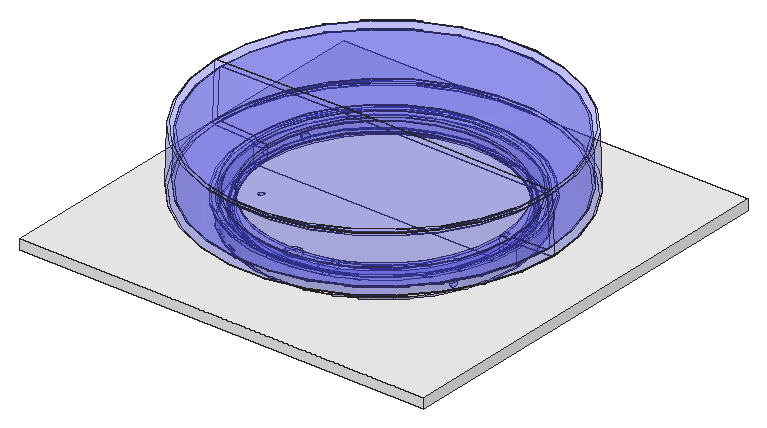
Revit family "BE_34287_de_DE", category Leuchten, Revit 2015
Parameters (values of type "BEGA_34287_K4")
  built-in parameter 1150104 = 12.04 (stored number, unit not read)
  Wattage = 16.4 W
  Default Elevation = 0 mm
  built-in parameter 1150113 = 1 (stored number, unit not read)
  built-in parameter 1114218 = 1 (stored number, unit not read)
  Umgebungstemperatur = ""
  URL = "http://www.bega.de/produkt/34287"
  Typenkommentare = "© 2017 BEGA. Wir behalten uns das Recht vor, technische Änderungen ohne vorherige Ankündigung vorzunehmen."  # constant formula
  built-in parameter 1150134 = 12
  built-in parameter 1150109 = 1 (stored number, unit not read)
  Strom = ""
  built-in parameter 1150110 = 1 (stored number, unit not read)
  Spannung = 239.996 V
  Sonderanfertigung = no
  Seriennummer [instance] = "Hier können Sie die eindeutige Seriennummer für das Facility Management eintragen."
  Schutzklasse = "I"
  Schutzart = "IP 44"
  Scheinlast = 0 VA
  Produktdatenblatt = "http://www.bega.de/download/Xrfa/db/34287.db.de.pdf"
  Oberflächentemperatur = ""
  Neigungswinkel = 0.00°
  Modell = "34287K4"
  Material_17 = BEGA_Reflektor
  Material_15 = BEGA_Leuchtmedium_matt
  Material_11 = BEGA_Glas_opal
  Material_09 = BEGA_Glas_klar
  Material_06 = BEGA_Oberfläche_Edelstahl_gebürstet
  Material_05 = BEGA_Oberfläche_Aluminium Guss
  Material_03 = BEGA_Oberfläche_Weiss_matt
  Material_02 = BEGA_Oberfläche_Silber_matt
  Material_01 [instance] = BEGA_Oberfläche_Grafit_matt
  M_W = no
  M_G = no
  M_A = no
  Logo = 0
  built-in parameter 1114217 = 1 (stored number, unit not read)
  built-in parameter 1150139 = (empty or 0)
  built-in parameter 1150105 = 520.48 (stored number, unit not read)
  built-in parameter 1150114 = 1 (stored number, unit not read)
  Lumens = 2125.44 lm
  built-in parameter 1150115 = 1 (stored number, unit not read)
  Leuchtenlichtstrom = "1660 lm"
  Leuchtenanzahl = ""
  Lebensdauerkriterien = "L70B50 @ 25 °C = 265000 h"
  Lastklassifizierung = Beleuchtung
  built-in parameter 1150112 = 1 (stored number, unit not read)
  Lampenlichtstrom = "2125 lm"
  Lampe = "LED 16.4 W"
  LED_Modulbezeichnung = "LED-0569/940 "
  Hersteller = "BEGA"  # constant formula
  Halbstreuwinkel = ""
  Gewicht = "2.7 kg"
  Gebrauchslageneinschränkung [instance] = ""
  Frequenz = "0/50-60 Hz"
  Farbwiedergabeindex = "Ra > 90"
  Farbtemperaturverschiebung bei Dämpfen der Lampe = <Keine Auswahl>
  Farbtemperatur = "4000 K"
  Color Filter = 16777215
  built-in parameter 1150133 = 10 (stored number, unit not read)
  Energieeffizienzklasse = "LED A++ - A"
  built-in parameter 1150137 = (empty or 0)
  built-in parameter 1150132 = (empty or 0)
  ENEC = ""
  Dimmbar [instance] = "DALI"
  Datei für fotometrisches Netz = "BE_34287K4.IES"
  CE_Konformität = "ja"
  Bestellnummer = "34287K4"
  Beschreibung_Sonderanfertigung = "Hier können Sie Informationen zur Sonderanfertigung eintragen."
  Beschreibung = "Decken- und Wandleuchte"
  built-in parameter 1150106 = 5.2048 (stored number, unit not read)
  Befestigungsbohrung = "Ø 5,5 mm"
  Befestigungsabstand = "200 mm"
  Ballwurfsicher = ""
  BEGA_Intern_aus = yes
  BEGA_Intern_an = yes
  BEGA_Intern_Konstruktion = yes
  BEGA_Intern = yes
  BEGA_IES = yes
  BEGA_Dummy = no
  Anschlussleitung = ""
  Anschlussleistung [instance] = "18.9 W"
  Anschlusskasten = ""
  built-in parameter 1150107 = 4000 (stored number, unit not read)
  built-in parameter 1150102 = (empty or 0)
  built-in parameter 1150138 = (empty or 0)
  Aktualisierung = "2017-08-30T04:09:44"
  Abstand_zur_angestrahlten_Fläche [instance] = ""
  AC/DC = "AC/DC"
Types (2, lengths in mm): name | built-in parameter 1150104 | built-in parameter 1150134 | Modell | built-in parameter 1150105 | Lumens | Leuchtenlichtstrom | Lampenlichtstrom | LED_Modulbezeichnung | Farbtemperatur | Datei für fotometrisches Netz | Bestellnummer | built-in parameter 1150106 | built-in parameter 1150107
  BEGA_34287_K3 | 11.613 (stored number, unit not read) | (empty or 0) | "34287" | 163.13 (stored number, unit not read) | 2050 lm | "1601 lm" | "2050 lm" | "LED-0569/930 " | "3000 K" | "BE_34287.IES" | "34287" | 1.6313 (stored number, unit not read) | 3000 (stored number, unit not read)
  BEGA_34287_K4 | 12.04 (stored number, unit not read) | 12 | "34287K4" | 520.48 (stored number, unit not read) | 2125.44 lm | "1660 lm" | "2125 lm" | "LED-0569/940 " | "4000 K" | "BE_34287K4.IES" | "34287K4" | 5.2048 (stored number, unit not read) | 4000 (stored number, unit not read)
Reference planes
  plane 1 "Mitte (Vorne/Hinten)": y = 0
  plane 2: z = 0
  plane 3 "Mitte (Links/Rechts)": x = 0
  plane 4 "Links": x = -168.948
  plane 5 "Rechts": x = 168.948
  plane 6 "Unten": y = -168.9
  plane 7 "Oben": y = 168.9
  plane 8 "Vorne": z = 85.255
  plane 9 "Hinten": z = 0
Forms (mm)
  Extrusion 1, solid, material "BEGA_Platte_Weiss"
    sketch origin (0, -1119.2, 0) x (1, 0, 0) y (0, 1, 0)
      loop
        line (-200, 1319.2) -> (-200, 919.2) -> (200, 919.2) -> (200, 1319.2) -> (-200, 1319.2)
    from 0 to -10
  Extrusion 2, solid, material "BEGA_Dummy_matt", visible <- "BEGA_Dummy"
    sketch origin (77.149, -76.023, 0) x (1, 0, 0) y (0, 1, 0)
      loop
        circle (-77.149, 76.023) r 170
    from 0 to 85.255
Dimensions and locks
  plane 1 "Mitte (Vorne/Hinten)" to Extrusion 1 = 200 mm
  aligned and locked: plane 2 to Extrusion 1
  aligned and locked: level to Extrusion 1
Nested families
  nested 1: "BE_34287" at (0, 0, 0), type "BE_34287"
Connectors
  electrical at (0, 0, 0), driven by "Lastklassifizierung", driven by "Spannung", driven by "Scheinlast"
    settings: index 1, voltage 239.996 V, apparent load 0 VA, apparent load phase1 0 VA, apparent load phase2 0 VA, apparent load phase3 0 VA, power factor 1, load classification "Beleuchtung", number of poles 1, system type 31, power factor state 1, is connector primary yes, connector utility no, sub classification motor no, connector description ""
Definition of nested family "BE_34287"
  Parameters (values of type "BE_34287")
    Default Elevation = 1 mm
    URL = "http://www.bega.de/de/produkt"
    Type Comments = "© 2015 BEGA. Wir behalten uns das Recht vor, technische Änderungen ohne vorherige Ankündigung vorzunehmen. "  # constant formula
    Type Image = (empty or 0)
    Neigungswinkel_um_Z2 = 0.00°
    Neigungswinkel_um_Z1 = 0.00°
    Neigungswinkel_um_Y2 = 0.00°
    Neigungswinkel_um_Y1 = 0.00°
    Neigungswinkel_um_X2 = 0.00°
    Neigungswinkel_um_X1 = 0.00°
    Material_17 = none
    Material_15 = none
    Material_11 = none
    Material_09 = none
    Material_06 = none
    Material_05 = none
    Material_03 = none
    Material_02 = none
    Material_01 = none
    M_W = yes
    M_G = yes
    M_A = yes
    Länge_Platte = 450 mm  # constant formula
    Höhe_Platte = -10 mm  # constant formula
    Manufacturer = "BEGA"  # constant formula
    Drehwinkel_um_Z2 = 0.00°
    Drehwinkel_um_Z1 = 0.00°
    Breite_Platte = 450 mm  # constant formula
  Reference planes
    plane 1 "Mitte (Oben/Unten)": y = 0
    plane 2: z = 0
    plane 3 "Mitte (Links/Rechts)": x = 0
    plane 4: x = -168.948
    plane 5: z = 85.255
    plane 6: x = 168.948
    plane 7: y = -168.9
    plane 8: y = 168.9
  Forms (mm)
    Extrusion 1, solid, detail levels medium
      sketch origin (0, 0, 0) x (1, 0, 0) y (0, 1, 0)
        loop
          line (-225, 225) -> (-225, -225) -> (225, -225) -> (225, 225) -> (-225, 225)
      from 0 to -10 <- "Höhe_Platte"
    Revolve 2, solid, material <- "Material_03", detail levels medium+fine
      sketch origin (0, 0, 0) x (1, 0, 0) y (0, 0, 1)
        loop
          line (-131.35, 4) -> (-131.63, 20.036)
          arc (-131.63, 20.036) -> (-132.229, 21.427) -> (-133.63, 22) r 2
          line (-133.63, 22) -> (-135, 22) -> (-135, 24) -> (-133.627, 24)
          arc (-133.627, 24) -> (-130.825, 22.852) -> (-129.631, 20.07) r 4
          line (-129.631, 20.07) -> (-129.367, 4.983)
          arc (-129.367, 4.983) -> (-129.068, 4.287) -> (-128.367, 4) r 1
          line (-128.367, 4) -> (0, 4) -> (0, 1.99) -> (-129.29, 1.99)
          arc (-129.29, 1.99) -> (-130.714, 2.586) -> (-131.3, 4) r 2
        axis (0, 1.99) -> (0, 24)
      angle from 0 to 360
    Revolve 3, solid, material <- "Material_03", detail levels medium+fine
      sketch origin (0, 0, 0) x (1, 0, 0) y (0, 0, 1)
        loop
          arc (-124.759, 2.845) -> (-122.212, 0.75) -> (-119, 0) r 7.249
          line (-119, 0) -> (-119, 2.845) -> (-124.759, 2.845)
        axis (-119, 0) -> (-119, 2.845)
      angle from 0 to 360
    Revolve 4, solid, material <- "Material_03", detail levels medium+fine
      sketch origin (0, 0, 0) x (0, -1, 0) y (0, 0, 1)
        loop
          arc (-124.759, 2.845) -> (-122.212, 0.75) -> (-119, 0) r 7.249
          line (-119, 0) -> (-119, 2.845) -> (-124.759, 2.845)
        axis (-119, 0) -> (-119, 2.845)
      angle from 0 to 360
    Revolve 5, solid, material <- "Material_03", detail levels medium+fine
      sketch origin (0, 0, 0) x (0, 1, 0) y (0, 0, 1)
        loop
          arc (-124.759, 2.845) -> (-122.212, 0.75) -> (-119, 0) r 7.249
          line (-119, 0) -> (-119, 2.845) -> (-124.759, 2.845)
        axis (-119, 0) -> (-119, 2.845)
      angle from 0 to 360
    Revolve 6, solid, material <- "Material_03", detail levels medium+fine
      sketch origin (0, 0, 0) x (-1, 0, 0) y (0, 0, 1)
        loop
          arc (-124.759, 2.845) -> (-122.212, 0.75) -> (-119, 0) r 7.249
          line (-119, 0) -> (-119, 2.845) -> (-124.759, 2.845)
        axis (-119, 0) -> (-119, 2.845)
      angle from 0 to 360
    Revolve 7, solid, material <- "Material_11", detail levels medium+fine
      sketch origin (0, 0, 0) x (1, 0, 0) y (0, 0, 1)
        loop
          arc (-165.579, 83.3) -> (-166.944, 82.717) -> (-167.531, 81.353) r 2
          line (-167.531, 81.353) -> (-168.948, 27.237)
          arc (-168.948, 27.237) -> (-168.406, 25.815) -> (-167.021, 25.186) r 2
          line (-167.021, 25.186) -> (-130.472, 23.91)
          arc (-130.472, 23.91) -> (-129.762, 21.529) -> (-127.5, 20.5) r 3
          line (-127.5, 20.5) -> (-118.75, 20.5) -> (-118.75, 14.266)
          arc (-118.75, 14.266) -> (-118.957, 13.658) -> (-119.491, 13.301) r 1
          line (-119.491, 13.301) -> (-120.509, 13.029)
          arc (-120.509, 13.029) -> (-121.043, 12.671) -> (-121.25, 12.062) r 1
          line (-121.25, 12.062) -> (-121.25, 8.5) -> (-117.25, 8.5) -> (-117.25, 11.116) -> (-115.732, 11.523)
          arc (-115.732, 11.523) -> (-114.663, 12.239) -> (-114.25, 13.457) r 2
          line (-114.25, 13.457) -> (-114.25, 22.559)
          arc (-114.25, 22.559) -> (-114.448, 24.079) -> (-115.024, 25.5) r 6
          line (-115.024, 25.5) -> (-125.52, 25.5)
          arc (-125.52, 25.5) -> (-126.227, 27.799) -> (-128.395, 28.84) r 3
          line (-128.395, 28.84) -> (-161.889, 30.009)
          arc (-161.889, 30.009) -> (-163.277, 30.638) -> (-163.82, 32.062) r 2
          line (-163.82, 32.062) -> (-162.659, 76.463)
          arc (-162.659, 76.463) -> (-162.072, 77.828) -> (-160.706, 78.411) r 1.999
          arc (-160.706, 78.411) -> (-80.358, 79.793) -> (0, 80.254) r 7008.517
          line (0, 80.254) -> (0, 85.255)
          arc (0, 85.255) -> (-82.795, 84.766) -> (-165.579, 83.3) r 7013.52
        axis (0, 85.255) -> (0, 8.5)
      angle from 0 to 360
    Extrusion 8, void
      sketch origin (0, 0, 0) x (1, 0, 0) y (0, 1, 0)
        loop
          circle (93.969, 34.202) r 2.75
        loop
          circle (-93.969, -34.202) r 2.75
        loop
          circle (-17.5, -90) r 8.5
        loop
          circle (17.5, -90) r 8.5
      from 0 to 6
    Revolve 9, solid, material <- "Material_06", detail levels fine
      sketch origin (0, 0, 11) x (1, 0, 0) y (0, 1, 0)
        loop
          line (-119.997, 53.917) -> (-121.371, 50.972) -> (-114.944, 47.975) -> (-113.571, 50.92) -> (-119.997, 53.917)
        axis (-114.944, 47.975) -> (-121.371, 50.972)
      angle from 0 to 360
    Revolve 10, solid, material <- "Material_06", detail levels fine
      sketch origin (0, 0, 11) x (-0.642788, 0.766044, 0) y (-0.766044, -0.642788, 0)
        loop
          line (-119.997, -53.917) -> (-113.571, -50.92) -> (-114.944, -47.975) -> (-121.371, -50.972) -> (-119.997, -53.917)
        axis (-114.944, -47.975) -> (-121.371, -50.972)
      angle from 0 to 360
  Cuts and joins
    Extrusion 8 cuts Revolve 2
    Extrusion 8 cuts Revolve 3
    Extrusion 8 cuts Revolve 4
    Extrusion 8 cuts Revolve 5
    Extrusion 8 cuts Revolve 6
    joined: Revolve 2, Revolve 3, Revolve 4, Revolve 5, Revolve 6
  Dimensions and locks
    equal spacing: Extrusion 1 sketch curve, plane 3 "Mitte (Links/Rechts)", Extrusion 1 sketch curve
    equal spacing: Extrusion 1 sketch curve, plane 1 "Mitte (Oben/Unten)", Extrusion 1 sketch curve
    "Länge_Platte": Extrusion 1 sketch curve to Extrusion 1 sketch curve
    "Breite_Platte": Extrusion 1 sketch curve to Extrusion 1 sketch curve
    aligned and locked: Extrusion 1 to plane 2
    aligned and locked: level to Extrusion 1
  Automatic sketch dimensions
    Revolve 2 sketch curve to plane 3 "Mitte (Links/Rechts)" = 0 mm  (x2)
    level to Revolve 2 sketch curve = 4 mm  (x2)
    Revolve 2 sketch curve to Revolve 2 sketch curve = 0.933 mm
    level to Revolve 2 sketch curve = 20.036 mm
    Revolve 2 sketch curve to Revolve 2 sketch curve = 3.263 mm
    Revolve 2 sketch curve to Revolve 2 sketch curve = 1.997 mm
    Revolve 2 sketch curve to Revolve 2 sketch curve = 2 mm  (x4)
    Revolve 2 sketch curve to Revolve 2 sketch curve = 0 mm  (x9)
    Revolve 2 sketch curve to Revolve 2 sketch curve = 1.37 mm  (x2)
    level to Revolve 2 sketch curve = 1.99 mm
    Revolve 2 sketch curve to Revolve 2 sketch curve = 1 mm
    Revolve 2 sketch curve to Revolve 2 sketch curve = 0.036 mm
    Revolve 2 sketch curve to Revolve 2 sketch curve = 0.01 mm  (x2)
    Revolve 2 sketch curve to Revolve 2 sketch curve = 0.067 mm
    level to Revolve 2 sketch curve = 4.983 mm
    level to Revolve 2 sketch curve = 20.07 mm
    Revolve 2 sketch curve to Revolve 2 sketch curve = 0.05 mm
    Revolve 2 sketch curve to Revolve 2 sketch curve = 0.569 mm
    level to Revolve 3 sketch curve = 2.845 mm
    Revolve 3 sketch curve to Revolve 3 sketch curve = 5.758 mm
    Revolve 3 sketch curve to Revolve 3 sketch curve = 0 mm  (x3)
    level to Revolve 3 sketch curve = 0 mm
    Revolve 3 sketch curve to Revolve 3 sketch curve = 0.469 mm
    level to Revolve 4 sketch curve = 2.845 mm
    Revolve 4 sketch curve to Revolve 4 sketch curve = 5.758 mm
    Revolve 4 sketch curve to Revolve 4 sketch curve = 0 mm  (x3)
    level to Revolve 4 sketch curve = 0 mm
    Revolve 4 sketch curve to Revolve 4 sketch curve = 0.469 mm
    level to Revolve 5 sketch curve = 2.845 mm
    Revolve 5 sketch curve to Revolve 5 sketch curve = 5.758 mm
    Revolve 5 sketch curve to Revolve 5 sketch curve = 0 mm  (x3)
    level to Revolve 5 sketch curve = 0 mm
    Revolve 5 sketch curve to Revolve 5 sketch curve = 0.469 mm
    level to Revolve 6 sketch curve = 2.845 mm
    Revolve 6 sketch curve to Revolve 6 sketch curve = 5.758 mm
    Revolve 6 sketch curve to Revolve 6 sketch curve = 0 mm  (x3)
    level to Revolve 6 sketch curve = 0 mm
    Revolve 6 sketch curve to Revolve 6 sketch curve = 0.469 mm
    Revolve 7 sketch curve to plane 3 "Mitte (Links/Rechts)" = 0 mm  (x2)
    level to Revolve 7 sketch curve = 22.559 mm
    Revolve 7 sketch curve to Revolve 7 sketch curve = 0.774 mm
    Revolve 7 sketch curve to Revolve 7 sketch curve = 2 mm  (x2)
    Revolve 7 sketch curve to Revolve 7 sketch curve = 1 mm  (x4)
    Revolve 7 sketch curve to Revolve 7 sketch curve = 4.5 mm
    Revolve 7 sketch curve to Revolve 7 sketch curve = 0.5 mm
    Revolve 7 sketch curve to Revolve 7 sketch curve = 1.5 mm
    Revolve 7 sketch curve to Revolve 7 sketch curve = 5.269 mm
    Revolve 7 sketch curve to Revolve 7 sketch curve = 1.98 mm
    level to Revolve 7 sketch curve = 23.91 mm
    Revolve 7 sketch curve to Revolve 7 sketch curve = 1.972 mm
    Revolve 7 sketch curve to Revolve 7 sketch curve = 31.349 mm
    Revolve 7 sketch curve to Revolve 7 sketch curve = 0.068 mm
    Revolve 7 sketch curve to Revolve 7 sketch curve = 1.998 mm
    Revolve 7 sketch curve to Revolve 7 sketch curve = 1.999 mm  (x5)
    Revolve 7 sketch curve to Revolve 7 sketch curve = 2.873 mm
    Revolve 7 sketch curve to Revolve 7 sketch curve = 3.129 mm
    Revolve 7 sketch curve to Revolve 7 sketch curve = 0.072 mm
    plane 3 "Mitte (Links/Rechts)" to Revolve 7 sketch curve = 0 mm
    plane 3 "Mitte (Links/Rechts)" to Revolve 7 sketch curve = 0.003 mm
    Revolve 7 sketch curve to Revolve 7 sketch curve = 0.007 mm
    Revolve 7 sketch curve to Revolve 7 sketch curve = 2.052 mm
    Revolve 7 sketch curve to Revolve 7 sketch curve = 6.233 mm
    Revolve 7 sketch curve to Revolve 7 sketch curve = 0.001 mm
    Revolve 7 sketch curve to Revolve 7 sketch curve = 0.809 mm
    Revolve 7 sketch curve to Revolve 7 sketch curve = 2.205 mm
    Revolve 7 sketch curve to Revolve 7 sketch curve = 2.341 mm
    Revolve 7 sketch curve to Revolve 7 sketch curve = 2.616 mm
    Revolve 7 sketch curve to level = 6928.263 mm
    Revolve 7 sketch curve to Revolve 7 sketch curve = 0.002 mm
    level to Revolve 7 sketch curve = 25.186 mm
    Revolve 7 sketch curve to Revolve 7 sketch curve = 2.342 mm
    Revolve 7 sketch curve to Revolve 7 sketch curve = 2.825 mm
    Revolve 7 sketch curve to Revolve 7 sketch curve = 44.404 mm
    Revolve 7 sketch curve to Revolve 7 sketch curve = 0.051 mm
    level to Revolve 7 sketch curve = 80.254 mm
    Revolve 7 sketch curve to Revolve 7 sketch curve = 2.889 mm
    Revolve 7 sketch curve to Revolve 7 sketch curve = 5.001 mm
    Revolve 7 sketch curve to Revolve 7 sketch curve = 1.518 mm
    level to Revolve 7 sketch curve = 11.523 mm
    Revolve 7 sketch curve to Revolve 7 sketch curve = 0 mm  (x12)
    Revolve 7 sketch curve to Revolve 7 sketch curve = 0.259 mm  (x2)
    level to Revolve 7 sketch curve = 13.301 mm
    level to Revolve 7 sketch curve = 13.029 mm
    level to Revolve 7 sketch curve = 28.84 mm
    Revolve 7 sketch curve to Revolve 7 sketch curve = 0.105 mm
    Revolve 7 sketch curve to Revolve 7 sketch curve = 0.047 mm
    Revolve 7 sketch curve to Revolve 7 sketch curve = 14.999 mm
    Revolve 7 sketch curve to Revolve 7 sketch curve = 0.052 mm
    Revolve 9 sketch curve to plane 1 "Mitte (Oben/Unten)" = 53.917 mm
    Revolve 9 sketch curve to Revolve 9 sketch curve = 1.374 mm  (x2)
    Revolve 9 sketch curve to plane 1 "Mitte (Oben/Unten)" = 47.975 mm
    Revolve 9 sketch curve to Revolve 9 sketch curve = 6.426 mm
    Revolve 9 sketch curve to Revolve 9 sketch curve = 2.945 mm
    Revolve 9 sketch curve to Revolve 9 sketch curve = 1.945 mm
    Revolve 9 sketch curve to Revolve 9 sketch curve = 4.067 mm
    Revolve 9 sketch curve to Revolve 9 sketch curve = 1.896 mm
    Revolve 9 sketch curve to Revolve 9 sketch curve = 0.907 mm
    plane 1 "Mitte (Oben/Unten)" to Revolve 10 sketch curve = 60.211 mm
    Revolve 10 sketch curve to Revolve 10 sketch curve = 1.374 mm  (x2)
    Revolve 10 sketch curve to Revolve 10 sketch curve = 6.426 mm
    Revolve 10 sketch curve to Revolve 10 sketch curve = 2.946 mm
    Revolve 10 sketch curve to Revolve 10 sketch curve = 2.945 mm
    Revolve 10 sketch curve to Revolve 10 sketch curve = 1.945 mm
    Revolve 10 sketch curve to Revolve 10 sketch curve = 4.067 mm
    Revolve 10 sketch curve to Revolve 10 sketch curve = 0.907 mm
    Revolve 10 sketch curve to Revolve 10 sketch curve = 1.896 mm
    Revolve 2 sketch curve to plane 4 = 40.581 mm
    Revolve 3 sketch curve to plane 4 = 44.19 mm
    plane 4 to Revolve 7 sketch curve = 0 mm
    Revolve 7 sketch curve to plane 4 = 3.416 mm
    Revolve 9 sketch curve to plane 4 = 47.578 mm
    Revolve 6 sketch curve to plane 6 = 44.19 mm
    Revolve 10 sketch curve to plane 6 = 51.886 mm
    plane 7 to Revolve 5 sketch curve = 44.141 mm
    plane 8 to Revolve 4 sketch curve = 44.141 mm
    plane 1 "Mitte (Oben/Unten)" to Extrusion 8 sketch curve = 34.202 mm
    Extrusion 8 sketch curve to plane 4 = 74.979 mm
    Extrusion 8 sketch curve to plane 3 "Mitte (Links/Rechts)" = 17.5 mm
    plane 3 "Mitte (Links/Rechts)" to Extrusion 8 sketch curve = 17.5 mm
    Extrusion 8 sketch curve to plane 1 "Mitte (Oben/Unten)" = 34.202 mm
    Extrusion 8 sketch curve to plane 6 = 74.979 mm
    plane 7 to Extrusion 8 sketch curve = 78.9 mm
    Extrusion 8 sketch curve to Extrusion 8 sketch curve = 0 mm
    radius of Extrusion 8 sketch curve = 2.75 mm  (x2)
    radius of Extrusion 8 sketch curve = 8.5 mm  (x2)
